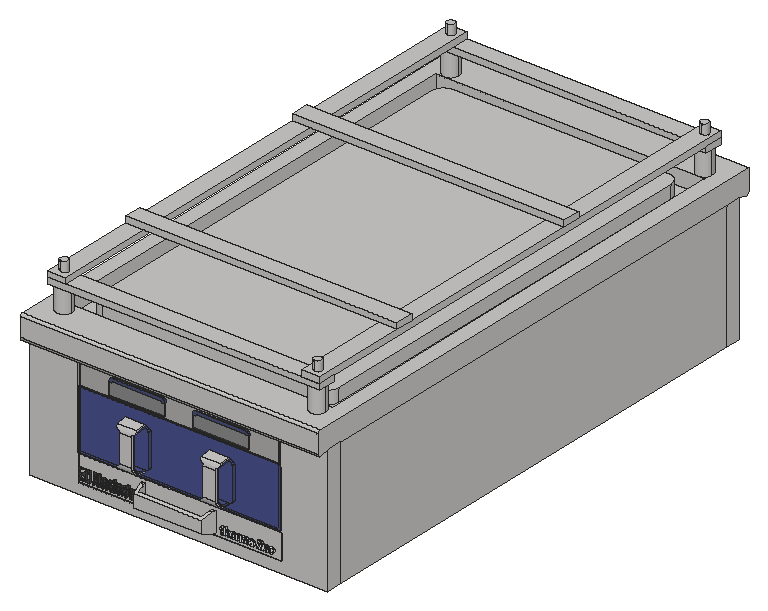
Revit family "QF_ELECTROLUXPROFESSIONAL_589868_MCLBAAEODM", category Specialty Equipment, Revit 2014
Parameters
  Weight in Pounds = 487.22
  URL Cutsheet = ""
  Type Mark [instance] = ""
  Specification by User [instance] = ""
  Specification by Manufacturer = ""
  Serial Number = ""
  Seismic Rating = ""
  SMACNA No = ""
  Revision Code [instance] = ""
  Omniclass Number and Title = ""
  NAFEM Spec ID Number = ""
  Model = "588557"
  Masterspec = ""
  Manufacturer = "Electrolux Professional"
  Item Number [instance] = ""
  Installed By [instance] = ""
  Identify Quantity as Lot [instance] = yes
  Furnished By [instance] = ""
  Foodservice Equipment Identifier [instance] = yes
  Description = ""
  CSI MasterFormat = ""
  CSI Master Format = ""
Reference planes
  plane 1 "BACK": y = 0
  plane 2: z = 0
  plane 3 "LEFT": x = 0
  plane 4 "RIGHT": x = 500
  plane 5 "FRONT": y = -900
  plane 6 "TOP": z = 900
  plane 7 "Center (Left/Right)": x = 250
  plane 8: y = -425
  plane 9: y = -150
  plane 10: x = 25
  plane 11: x = 475
  plane 12: y = -60
  plane 13: y = -840
  plane 14 "EIx": x = 455
  plane 15 "EIy": y = -685
  plane 16: z = 938
  plane 17 "BaseTop": z = 650
  plane 18: y = -855
Forms (mm)
  Extrusion 1, solid, material "QF_Finishes_Stainless Steel"
    sketch origin (-178.969, -4572, 100) x (-1, 0, 0) y (0, -1, 0)
      loop
        line (-178.969, -4527) -> (-178.969, -3717) -> (-678.969, -3717) -> (-678.969, -4527) -> (-178.969, -4527)
    from 550 to 762.969
  Extrusion 2, solid, material "QF_Finishes_Stainless Steel"
    sketch origin (0, 0, 650) x (-1, 0, 0) y (0, -1, 0)
      loop
        circle (-455, 685) r 6.35
    from 0 to -11.851
  Extrusion 3, solid, material "QF_Finishes_Stainless Steel"
    sketch origin (250, 296.4, 1219.2) x (0, 1, 0) y (0, 0, 1)
      loop
        line (-296.4, -319.2) -> (-1191.4, -319.2)
        arc (-1191.4, -319.2) -> (-1194.935, -320.664) -> (-1196.4, -324.2) r 5
        line (-1196.4, -324.2) -> (-1196.4, -355.2)
        arc (-1196.4, -355.2) -> (-1194.971, -358.264) -> (-1191.705, -359.139) r 4
        line (-1191.705, -359.139) -> (-1176.4, -356.231) -> (-316.4, -356.231) -> (-301.094, -359.139)
        arc (-301.094, -359.139) -> (-297.829, -358.264) -> (-296.4, -355.2) r 4
        line (-296.4, -355.2) -> (-296.4, -319.2)
    from -250 to 250
  Extrusion 4, solid, material "QF_Finishes_Stainless Steel"
    sketch origin (0, 0, 900) x (-1, 0, 0) y (0, -1, 0)
      loop
        arc (-70, 80) -> (-55.858, 85.858) -> (-50, 100) r 20
        line (-50, 100) -> (-50, 795)
        arc (-50, 795) -> (-55.858, 809.142) -> (-70, 815) r 20
        line (-70, 815) -> (-430, 815)
        arc (-430, 815) -> (-444.142, 809.142) -> (-450, 795) r 20
        line (-450, 795) -> (-450, 100)
        arc (-450, 100) -> (-444.142, 85.858) -> (-430, 80) r 20
        line (-430, 80) -> (-70, 80)
    from 1 to -20
  Extrusion 5, void
    sketch origin (0, 0, 900) x (-1, 0, 0) y (0, -1, 0)
      loop
        line (-25, 840) -> (-475, 840) -> (-475, 60) -> (-25, 60) -> (-25, 840)
    from 0 to -25
  Extrusion 6, solid, material "QF_Finishes_Stainless Steel"
    sketch origin (250, 296.4, 1219.2) x (0, 1, 0) y (0, 0, 1)
      loop
        line (-341.4, -569.2) -> (-316.4, -569.2) -> (-316.4, -356.231) -> (-341.4, -356.231) -> (-341.4, -569.2)
    from -250 to 250
Cuts and joins
  Extrusion 5 cuts Extrusion 3
Lines and regions (mm)
  symbolic lines
    curve 1: line (0, 0, 100) -> (500, 0, 100)
    curve 2: line (0, -900, 100) -> (0, 0, 100)
    curve 3: line (500, -900, 100) -> (0, -900, 100)
    curve 4: line (500, 0, 100) -> (500, -900, 100)
    curve 5: line (25, -840, 0) -> (475, -840, 0)
    curve 6: line (475, -840, 0) -> (475, -60, 0)
    curve 7: line (475, -60, 0) -> (25, -60, 0)
    curve 8: line (25, -60, 0) -> (25, -840, 0)
    curve 9: line (430, -80, 0) -> (70, -80, 0)
    curve 10: arc (70, -80, 0) -> (59.726, -82.841, 0) -> (52.37, -90.556, 0) r 20
    curve 11: line (70, -815, 0) -> (430, -815, 0)
    curve 12: arc (430, -815, 0) -> (440.141, -812.238, 0) -> (447.481, -804.716, 0) r 20
    curve 13: arc (52.347, -804.4, 0) -> (59.704, -812.146, 0) -> (70, -815, 0) r 20
    curve 14: arc (447.486, -90.292, 0) -> (440.145, -82.764, 0) -> (430, -80, 0) r 20
Dimensions and locks
  plane 3 "LEFT" to plane 4 "RIGHT" = 500 mm
  locked: plane 5 "FRONT" to plane 1 "BACK" at 900
  equal spacing: plane 3 "LEFT", plane 7 "Center (Left/Right)", plane 4 "RIGHT"
  plane 5 "FRONT" to plane 8 to plane 1 "BACK" = 475 mm, 425 mm
  plane 6 "TOP" to level = 900 mm  (x2)
  plane 1 "BACK" to plane 9 = 150 mm
  plane 1 "BACK" to Extrusion 2 = 685 mm
  locked: plane 14 "EIx" to plane 4 "RIGHT" at 45
  locked: plane 15 "EIy" to plane 1 "BACK" at 685
  plane 16 to plane 6 "TOP" = 38 mm
  plane 12 to plane 1 "BACK" = 60 mm
  plane 5 "FRONT" to plane 13 = 60 mm
  plane 3 "LEFT" to plane 10 = 25 mm
  plane 11 to plane 4 "RIGHT" = 25 mm
  locked: plane 6 "TOP" to plane 17 "BaseTop" at 250
  locked: plane 18 to plane 5 "FRONT" at 45
  aligned and locked: level to plane 2
  aligned and locked: cut or joined group of Extrusion 3, Extrusion 5 to plane 3 "LEFT"
  aligned and locked: cut or joined group of Extrusion 3, Extrusion 5 to plane 4 "RIGHT"
  aligned and locked: Extrusion 5 sketch curve to plane 10
  aligned and locked: plane 12 to Extrusion 5 sketch curve
  aligned and locked: plane 11 to Extrusion 5 sketch curve
  aligned and locked: Extrusion 5 sketch curve to plane 13
  aligned and locked: nested 1 to plane 18
  aligned and locked: Extrusion 1 to plane 18
  aligned and locked: plane 3 "LEFT" to nested 1
Automatic sketch dimensions
  Extrusion 3 sketch curve to plane 5 "FRONT" = 0 mm
  Extrusion 3 sketch curve to plane 6 "TOP" = 0 mm
  Extrusion 3 sketch curve to plane 1 "BACK" = 0 mm
  Extrusion 3 sketch curve to plane 5 "FRONT" = 4 mm
  Extrusion 3 sketch curve to Extrusion 3 sketch curve = 0.695 mm
  Extrusion 3 sketch curve to plane 5 "FRONT" = 5 mm
  Extrusion 3 sketch curve to Extrusion 3 sketch curve = 15.305 mm
  plane 1 "BACK" to Extrusion 3 sketch curve = 20 mm
  plane 1 "BACK" to Extrusion 3 sketch curve = 4.695 mm
  Extrusion 3 sketch curve to Extrusion 3 sketch curve = 4 mm
  Extrusion 3 sketch curve to Extrusion 3 sketch curve = 31 mm
  Extrusion 3 sketch curve to plane 6 "TOP" = 36 mm
  Extrusion 3 sketch curve to Extrusion 3 sketch curve = 2.909 mm
  Extrusion 1 sketch curve to plane 4 "RIGHT" = 0 mm
  Extrusion 1 sketch curve to plane 3 "LEFT" = 0 mm
  plane 1 "BACK" to Extrusion 1 sketch curve = 45 mm
  plane 1 "BACK" to curve 1 = 0 mm
  curve 1 to plane 4 "RIGHT" = 0 mm
  curve 2 to plane 3 "LEFT" = 0 mm
  plane 5 "FRONT" to curve 3 = 0 mm
  Extrusion 2 sketch curve to plane 14 "EIx" = 0 mm
  Extrusion 2 sketch curve to plane 15 "EIy" = 0 mm
  Extrusion 1 sketch curve to plane 5 "FRONT" = 45 mm
  curve 5 to plane 10 = 0 mm
  curve 6 to plane 11 = 0 mm
  plane 13 to curve 5 = 0 mm
  plane 12 to curve 7 = 0 mm
  plane 11 to Extrusion 4 sketch curve = 25 mm
  Extrusion 4 sketch curve to Extrusion 4 sketch curve = 20 mm  (x3)
  plane 9 to Extrusion 4 sketch curve = 50 mm
  Extrusion 4 sketch curve to plane 10 = 45 mm
  Extrusion 4 sketch curve to plane 13 = 45 mm  (x2)
  Extrusion 6 sketch curve to plane 17 "BaseTop" = 0 mm
  Extrusion 6 sketch curve to plane 12 = 15 mm
  plane 1 "BACK" to Extrusion 6 sketch curve = 20 mm
  Extrusion 6 sketch curve to plane 6 "TOP" = 37.031 mm
  curve 10 to plane 10 = 45 mm
  plane 12 to curve 10 = 40 mm
  curve 10 to curve 9 = 20 mm
  plane 14 "EIx" to curve 9 = 25 mm
  curve 11 to plane 10 = 45 mm
  curve 11 to plane 13 = 25 mm
  plane 14 "EIx" to curve 11 = 25 mm
  curve 12 to curve 12 = 20 mm
  curve 11 to curve 13 = 20 mm
  curve 13 to curve 13 = 17.653 mm
  plane 14 "EIx" to curve 12 = 7.519 mm
  curve 10 to curve 10 = 17.63 mm
  plane 14 "EIx" to curve 14 = 7.514 mm
  curve 14 to curve 14 = 20 mm
  radius of Extrusion 2 sketch curve = 6.35 mm
Nested families
  nested 1: "Front_Panel_W500_Two Knobs" at (52.376, -855, 0), type "Front_Panel_W500_Two Knobs"
  nested 2: "QF_ELECTROLUXPROFESSIONAL_MARINE500x900_1" at (0, 0, 0), type "QF_ELECTROLUXPROFESSIONAL_MARINE500x900_1"
    with Type Mark "", Specification by User "", Revision Code "", Item Number "", Installed By "", Identify Quantity as Lot yes, Furnished By "", Foodservice Equipment Identifier yes
Connectors
  electrical at (455, -685, 638.149)
    settings: on Extrusion 2, index 1, voltage 400 V, apparent load 33000 VA, apparent load phase1 0 VA, apparent load phase2 0 VA, apparent load phase3 0 VA, power factor 1, load classification "Other", number of poles 1, system type 30, power factor state 1, is connector primary yes, connector utility no, sub classification motor no, connector description "ELECTRICAL CONNECTION"
Definition of nested family "Front_Panel_W500_Two Knobs"
  Reference planes
    plane 1 "Center (Front/Back)": y = 0
    plane 2: z = 0
    plane 3 "Center (Left/Right)": x = 197.624
    plane 4 "Left": x = -52.376
    plane 5 "Right": x = 447.624
    plane 6: y = -45
    plane 7: x = 127.624
    plane 8: y = -310
    plane 9: y = -25
    plane 10: x = 370.124
    plane 11: x = 30.124
  Forms (mm)
    Extrusion 1, solid, material "QF_Finishes_Stainless Steel"
      sketch origin (833.217, 829.203, -1.25) x (0, 1, 0) y (0, 0, 1)
        loop
          line (-854.203, 651.25) -> (-829.203, 651.25) -> (-829.203, 864.25) -> (-854.203, 864.25) -> (-854.203, 651.25)
      from -885.593 to -385.593
    Extrusion 2, void
      sketch origin (0, 0, 0) x (1, 0, 0) y (0, 0, 1)
        loop
          line (27.624, 853.866) -> (27.624, 711.866) -> (367.624, 711.866) -> (367.624, 853.866) -> (27.624, 853.866)
      from 19.387 to 33.951
    Extrusion 3, void
      sketch origin (0, 0, 0) x (1, 0, 0) y (0, 0, 1)
        loop
          line (30.124, 711.866) -> (30.124, 666.866) -> (370.124, 666.866) -> (370.124, 711.866) -> (30.124, 711.866)
      from 19.387 to 25
    Extrusion 4, solid, material "QF_Finishes_Stainless Steel"
      sketch origin (0, 0, 0) x (1, 0, 0) y (0, 0, 1)
        loop
          line (31.124, 710.866) -> (31.124, 667.866) -> (369.124, 667.866) -> (369.124, 710.866) -> (31.124, 710.866)
      from 19.387 to 25
    Extrusion 5, solid, material "QF_Finishes_Stainless Steel"
      sketch origin (0, 0, 0) x (1, 0, 0) y (0, 1, 0)
        loop
          line (141.059, -25) -> (135.966, -25) -> (140.646, -49.075) -> (254.603, -49.075) -> (259.283, -25) -> (254.189, -25) -> (250.481, -44.075) -> (144.767, -44.075) -> (141.059, -25)
      from 672.593 to 705.67
    Extrusion 6, void
      sketch origin (197.624, 0, 0) x (0, 1, 0) y (0, 0, 1)
        loop
          line (-30, 705.67) -> (-30, 710.67) -> (-56.744, 710.67) -> (-56.744, 667.593) -> (-30, 667.593) -> (-30, 672.593) -> (-53.776, 680.318) -> (-53.776, 697.945) -> (-30, 705.67)
      from -70 to 70
    Extrusion 7, solid, material "QF_Door-Drawer Clearances", detail levels coarse
      sketch origin (0, -265, 0) x (1, 0, 0) y (0, 1, 0)
        loop
          line (140.646, -69.075) -> (254.603, -69.075) -> (259.283, -45) -> (364.124, -45) -> (364.124, 240) -> (31.124, 240) -> (31.124, -45) -> (135.966, -45) -> (140.646, -69.075)
      from 672.593 to 705.67
    Extrusion 8, void
      sketch origin (197.624, -280, 0) x (0, 1, 0) y (0, 0, 1)
        loop
          line (-30, 705.67) -> (-30, 710.67) -> (-56.744, 710.67) -> (-56.744, 667.593) -> (-30, 667.593) -> (-30, 672.593) -> (-53.776, 680.318) -> (-53.776, 697.945) -> (-30, 705.67)
      from -70 to 70
  Cuts and joins
    Extrusion 2, Extrusion 3 cuts Extrusion 1
    Extrusion 6, Extrusion 8 cuts Extrusion 5
    Extrusion 8 cuts Extrusion 7
  Lines and regions (mm)
    symbolic lines, style "SpecialityEquipmentHiddenLines"
      curve 1: line (31.124, -45, 0) -> (31.124, -310, 0)
      curve 2: line (31.124, -310, 0) -> (364.124, -310, 0)
      curve 3: line (135.966, -310, 0) -> (140.646, -334.075, 0)
      curve 4: line (140.646, -334.075, 0) -> (254.603, -334.075, 0)
      curve 5: line (254.603, -334.075, 0) -> (259.283, -310, 0)
      curve 6: line (364.124, -310, 0) -> (364.124, -45, 0)
      curve 7: line (31.124, -300, 0) -> (364.124, -300, 0)
      curve 8: line (140.874, -309.046, 0) -> (144.767, -329.075, 0)
      curve 9: line (144.767, -329.075, 0) -> (250.481, -329.075, 0)
      curve 10: line (250.481, -329.075, 0) -> (254.375, -309.046, 0)
  Dimensions and locks
    equal spacing: plane 5 "Right", plane 3 "Center (Left/Right)", plane 4 "Left"
    plane 5 "Right" to plane 4 "Left" = 500 mm
    plane 3 "Center (Left/Right)" to plane 7 = 70 mm
    plane 6 to plane 8 = 265 mm
    aligned and locked: cut or joined group of Extrusion 1, Extrusion 2, Extrusion 3 to plane 4 "Left"
    aligned and locked: plane 5 "Right" to cut or joined group of Extrusion 1, Extrusion 2, Extrusion 3
    aligned and locked: plane 3 "Center (Left/Right)" to nested 1
    aligned and locked: cut or joined group of Extrusion 1, Extrusion 2, Extrusion 3 to nested 1
  Automatic sketch dimensions
    plane 6 to curve 1 = 0 mm
    curve 1 to plane 8 = 0 mm
    plane 6 to curve 6 = 0 mm
    plane 11 to curve 1 = 1 mm
    plane 7 to curve 3 = 13.021 mm
    curve 3 to curve 8 = 4.122 mm
    curve 10 to plane 8 = 19.075 mm
    plane 3 "Center (Left/Right)" to curve 10 = 52.857 mm
    curve 5 to plane 8 = 24.075 mm
    curve 9 to curve 5 = 4.122 mm
    curve 2 to plane 10 = 6 mm
    plane 7 to curve 3 = 8.342 mm
    plane 8 to curve 8 = 0.954 mm
    curve 3 to curve 8 = 4.908 mm
    plane 8 to curve 10 = 0.954 mm
    curve 9 to curve 10 = 3.893 mm
    curve 10 to curve 5 = 4.908 mm
    plane 8 to curve 7 = 10 mm
    Extrusion 1 sketch curve to plane 9 = 0 mm
    Extrusion 1 sketch curve to plane 1 "Center (Front/Back)" = 0 mm
    level to Extrusion 1 sketch curve = 650 mm
    Extrusion 1 sketch curve to Extrusion 1 sketch curve = 213 mm
    Extrusion 2 sketch curve to plane 11 = 2.5 mm
    Extrusion 2 sketch curve to plane 10 = 2.5 mm
    level to Extrusion 2 sketch curve = 711.866 mm
    Extrusion 2 sketch curve to Extrusion 2 sketch curve = 142 mm
    Extrusion 3 sketch curve to plane 11 = 0 mm
    Extrusion 3 sketch curve to plane 10 = 0 mm
    level to Extrusion 3 sketch curve = 666.866 mm
    Extrusion 3 sketch curve to Extrusion 3 sketch curve = 45 mm
    plane 11 to Extrusion 4 sketch curve = 1 mm
    Extrusion 4 sketch curve to plane 10 = 1 mm
    level to Extrusion 4 sketch curve = 667.866 mm
    Extrusion 4 sketch curve to Extrusion 4 sketch curve = 43 mm
    plane 9 to Extrusion 5 sketch curve = 0 mm  (x2)
    plane 7 to Extrusion 5 sketch curve = 8.342 mm
    plane 6 to Extrusion 5 sketch curve = 4.075 mm
    plane 7 to Extrusion 5 sketch curve = 13.021 mm
    Extrusion 5 sketch curve to Extrusion 5 sketch curve = 5.094 mm  (x2)
    Extrusion 5 sketch curve to plane 6 = 0.925 mm
    Extrusion 5 sketch curve to Extrusion 5 sketch curve = 4.122 mm  (x2)
    plane 3 "Center (Left/Right)" to Extrusion 5 sketch curve = 52.857 mm
    Extrusion 5 sketch curve to Extrusion 5 sketch curve = 3.708 mm
    plane 6 to Extrusion 6 sketch curve = 11.744 mm
    plane 6 to Extrusion 6 sketch curve = 8.776 mm
    plane 9 to Extrusion 6 sketch curve = 5 mm  (x2)
    level to Extrusion 6 sketch curve = 667.593 mm
    Extrusion 6 sketch curve to Extrusion 6 sketch curve = 5 mm
    Extrusion 6 sketch curve to Extrusion 6 sketch curve = 12.725 mm  (x2)
    Extrusion 6 sketch curve to Extrusion 6 sketch curve = 17.627 mm
    Extrusion 6 sketch curve to Extrusion 6 sketch curve = 7.725 mm
    plane 9 to Extrusion 7 sketch curve = 0 mm
    Extrusion 7 sketch curve to plane 8 = 0 mm  (x2)
    plane 11 to Extrusion 7 sketch curve = 1 mm
    plane 7 to Extrusion 7 sketch curve = 8.342 mm
    plane 7 to Extrusion 7 sketch curve = 13.021 mm
    Extrusion 7 sketch curve to plane 8 = 24.075 mm
    plane 3 "Center (Left/Right)" to Extrusion 7 sketch curve = 56.979 mm
    Extrusion 7 sketch curve to Extrusion 7 sketch curve = 4.68 mm
    Extrusion 7 sketch curve to plane 10 = 6 mm
    Extrusion 8 sketch curve to plane 8 = 0 mm  (x2)
    Extrusion 8 sketch curve to plane 8 = 23.776 mm
    Extrusion 8 sketch curve to Extrusion 8 sketch curve = 2.968 mm
    level to Extrusion 8 sketch curve = 667.593 mm
    Extrusion 8 sketch curve to Extrusion 8 sketch curve = 5 mm
    Extrusion 8 sketch curve to Extrusion 8 sketch curve = 12.725 mm  (x2)
    Extrusion 8 sketch curve to Extrusion 8 sketch curve = 17.627 mm
    Extrusion 8 sketch curve to Extrusion 8 sketch curve = 7.725 mm
  Nested families
    nested 1: "Front glass control panel W500" at (197.624, 280.644, 2.752), type "Front glass control panel W500"
    nested 2: "Range Control Handle" at (127.624, -28.137, -209.113) x (-1, 0, 0) z (0, 0, 1), type "Range Control Handle"
    nested 3: "Range Control Handle" at (267.624, -28.137, -209.113), type "Range Control Handle"
    nested 4: "ELX_ThermaLine_Small" at (308.838, -25, 680.426) x (1, 0, 0) z (0, -1, 0), type "ELX_ThermaLine_Small"
      with Show Logo yes, Material_Logo QF_Finishes_Black
    nested 5: "ELX_Professional_Logo_Small2" at (83.472, -25, 682.659) x (1, 0, 0) z (0, -1, 0), type "ELX_Professional_Logo_Small2"
      with Show Logo yes, Material_Logo QF_Finishes_Black
  Definition of nested family "Front glass control panel W500"
    Reference planes
      plane 1 "Center (Front/Back)": y = 0
      plane 2: z = 0
      plane 3 "Center (Left/Right)": x = 0
    Forms (mm)
      Extrusion 1, solid, material "QF_Finishes_Electrolux Cyan"
        sketch origin (378.286, 0, 0.617) x (1, 0, 0) y (0, 0, 1)
          loop
            line (-548.286, 806.791) -> (-548.286, 708.497) -> (-208.286, 708.497) -> (-208.286, 806.791) -> (-548.286, 806.791)
        from 300.031 to 304.8
      Extrusion 2, solid, material "QF_Finishes_Electrolux_Black"
        sketch origin (378.286, 0, 0.617) x (1, 0, 0) y (0, 0, 1)
          loop
            line (-548.286, 850.497) -> (-548.286, 806.791) -> (-208.286, 806.791) -> (-208.286, 850.497) -> (-548.286, 850.497)
        from 300.031 to 304.8
      Extrusion 3, void
        sketch origin (378.286, 0, 0.617) x (1, 0, 0) y (0, 0, 1)
          loop
            line (-545.628, 847.565) -> (-545.628, 710.699) -> (-211.196, 710.699) -> (-211.196, 847.565) -> (-545.628, 847.565)
        from 303.697 to 304.8
      Extrusion 4, solid, material "QF_Finishes_Electrolux_Black Smoke Iluminated"
        sketch origin (-378.333, 1.101, -0.633) x (-1, 0, 0) y (0, 0, -1)
          loop
            line (-261.431, -812.62) -> (-355.186, -812.62) -> (-355.186, -834.177) -> (-350.269, -834.177) -> (-348.469, -835.977) -> (-268.039, -835.977) -> (-266.24, -834.177) -> (-261.431, -834.177) -> (-261.431, -812.62)
        from 304.798 to 306.745
      Extrusion 5, solid, material "QF_Finishes_Electrolux_Royal Blue Illuminated"
        sketch origin (-378.333, 1.101, -0.633) x (-1, 0, 0) y (0, 0, -1)
          loop
            line (-350.269, -834.177) -> (-355.078, -834.177)
            arc (-355.078, -834.177) -> (-353.942, -838.747) -> (-349.686, -840.763) r 5.5
            line (-349.686, -840.763) -> (-266.98, -840.763)
            arc (-266.98, -840.763) -> (-262.706, -838.752) -> (-261.529, -834.177) r 5.549
            line (-261.529, -834.177) -> (-266.24, -834.177) -> (-268.039, -835.977) -> (-348.469, -835.977) -> (-350.269, -834.177)
        from 304.798 to 306.745
      Extrusion 6, solid, material "QF_Finishes_Electrolux_Black Smoke Iluminated"
        sketch origin (378.333, 1.101, -0.633) x (1, 0, 0) y (0, 0, 1)
          loop
            line (-261.431, 812.62) -> (-261.431, 834.177) -> (-266.24, 834.177) -> (-268.039, 835.977) -> (-348.469, 835.977) -> (-350.269, 834.177) -> (-355.186, 834.177) -> (-355.186, 812.62) -> (-261.431, 812.62)
        from 304.798 to 306.745
      Extrusion 7, solid, material "QF_Finishes_Electrolux_Royal Blue Illuminated"
        sketch origin (378.333, 1.101, -0.633) x (1, 0, 0) y (0, 0, 1)
          loop
            line (-350.269, 834.177) -> (-348.469, 835.977) -> (-268.039, 835.977) -> (-266.24, 834.177) -> (-261.529, 834.177)
            arc (-261.529, 834.177) -> (-262.706, 838.752) -> (-266.98, 840.763) r 5.549
            line (-266.98, 840.763) -> (-349.686, 840.763)
            arc (-349.686, 840.763) -> (-353.942, 838.747) -> (-355.078, 834.177) r 5.5
            line (-355.078, 834.177) -> (-350.269, 834.177)
        from 304.798 to 306.745
    Cuts and joins
      Extrusion 3 cuts Extrusion 1
      Extrusion 3 cuts Extrusion 2
    Dimensions and locks
      aligned and locked: Extrusion 1 to Extrusion 2
      aligned and locked: Extrusion 5 sketch curve to Extrusion 4  (x5)
      aligned and locked: Extrusion 5 to Extrusion 4
      aligned and locked: Extrusion 7 sketch curve to Extrusion 6  (x4)
      aligned and locked: Extrusion 6 to Extrusion 7 sketch curve
      aligned and locked: Extrusion 7 to Extrusion 6
  Definition of nested family "Range Control Handle"
    Reference planes
      plane 1 "Center (Front/Back)": y = 0
      plane 2: z = 0
      plane 3 "Center (Left/Right)": x = 0
      plane 4: z = 971.092
      plane 5: y = -16.9
    Forms (mm)
      Extrusion 1, solid, material "QF_Finishes_Electrolux Cyan"
        sketch origin (-746.28, 380.497, 208.931) x (-1, 0, 0) y (0, 0, 1)
          loop
            line (-770.101, 786.798) -> (-770.101, 731.649)
            arc (-770.101, 731.649) -> (-769.759, 730.563) -> (-768.855, 729.87) r 1.893
            line (-768.855, 729.87) -> (-763.474, 727.911) -> (-729.81, 727.911) -> (-724.428, 729.87)
            arc (-724.428, 729.87) -> (-723.525, 730.563) -> (-723.183, 731.649) r 1.893
            line (-723.183, 731.649) -> (-723.183, 786.798)
            arc (-723.183, 786.798) -> (-723.529, 787.894) -> (-724.44, 788.593) r 1.91
            line (-724.44, 788.593) -> (-729.683, 790.819) -> (-763.601, 790.819) -> (-768.844, 788.593)
            arc (-768.844, 788.593) -> (-769.755, 787.894) -> (-770.101, 786.798) r 1.91
        from -382.35 to -378.852
      Sweep 2, solid, material "QF_Finishes_Electrolux Cyan"
        path origin (-746.788, 380.496, 208.091) x (0, -1, 0) y (0, 0, 1)
          loop
            line (379.775, 793.281) -> (395.661, 791.048)
            arc (395.661, 791.048) -> (397.781, 787.377) -> (398.517, 783.202) r 12.207
            line (398.517, 783.202) -> (398.517, 737.368)
            arc (398.517, 737.368) -> (397.781, 733.193) -> (395.661, 729.522) r 12.207
            line (395.661, 729.522) -> (379.775, 727.289)
        profile origin (-746.788, -7.222, 1000.256) x (0, -0.139173, 0.990268) y (-1, 0, 0)
          loop
            line (0.782, -763.123) -> (0.782, -730.907) -> (-1.322, -730.907) -> (-1.322, -763.123) -> (0.782, -763.123)
      Sweep 3, solid, material "QF_Finishes_Stainless Steel"
        path origin (-746.788, 380.715, 207.832) x (0, -1, 0) y (0, 0, 1)
          loop
            line (380.478, 795.442) -> (397.218, 793.09)
            arc (397.218, 793.09) -> (399.929, 788.473) -> (400.871, 783.202) r 15.207
            line (400.871, 783.202) -> (400.871, 737.584)
            arc (400.871, 737.584) -> (399.914, 732.274) -> (397.164, 727.633) r 15.207
            line (397.164, 727.633) -> (380.601, 725.305)
        profile origin (-746.788, -8.132, 1002.099) x (0, -0.139173, 0.990268) y (-1, 0, 0)
          loop
            line (0.782, -763.123) -> (0.782, -730.907) -> (-1.322, -730.907) -> (-1.322, -763.123) -> (0.782, -763.123)
      Extrusion 4, void
        sketch origin (889.253, 220.666, 207.993) x (1, 0, 0) y (0, 0, 1)
          loop
            line (-943.038, 816.854) -> (-943.038, 703.686) -> (-899.466, 734.196) -> (-899.466, 786.344) -> (-943.038, 816.854)
        from 230.636 to 242.25
      Extrusion 5, void
        sketch origin (-888.8, 220.666, 207.993) x (-1, 0, 0) y (0, 0, -1)
          loop
            line (-943.038, -816.854) -> (-899.466, -786.344) -> (-899.466, -734.196) -> (-943.038, -703.686) -> (-943.038, -816.854)
        from 230.636 to 242.25
      Extrusion 6, solid, material "QF_Finishes_Electrolux Cyan"
        sketch origin (0, 0, 0) x (1, 0, 0) y (0, 0, 1)
          loop
            circle (0, 971.092) r 7.736
        from -3.137 to -1.645
    Cuts and joins
      Extrusion 4, Extrusion 5 cuts Sweep 3
      Extrusion 4, Extrusion 5 cuts Sweep 2
      joined: Extrusion 1, Extrusion 6
    Lines and regions (mm)
      symbolic lines
        curve 1: line (16.334, -16.9, 0) -> (16.334, -19.227, 0)
        curve 2: spline (16.334, -19.227, 0) -> (15.87, -19.385, 0) -> (15.404, -19.536, 0) -> (14.936, -19.678, 0) -> (14.466, -19.813, 0) -> (13.995, -19.94, 0) -> (13.523, -20.059, 0) -> (13.049, -20.171, 0) -> (12.575, -20.274, 0) -> (12.099, -20.37, 0) -> (11.622, -20.458, 0) -> (11.144, -20.537, 0) -> (10.666, -20.609, 0)
        curve 3: line (10.666, -16.9, 0) -> (10.666, -20.938, 0)
        curve 4: line (-10.213, -20.938, 0) -> (10.666, -20.938, 0)
        curve 5: line (-10.213, -20.938, 0) -> (-10.213, -16.9, 0)
        curve 6: spline (-10.213, -20.609, 0) -> (-10.691, -20.537, 0) -> (-11.169, -20.458, 0) -> (-11.646, -20.37, 0) -> (-12.122, -20.274, 0) -> (-12.597, -20.171, 0) -> (-13.07, -20.059, 0) -> (-13.542, -19.94, 0) -> (-14.013, -19.813, 0) -> (-14.483, -19.678, 0) -> (-14.951, -19.536, 0) -> (-15.417, -19.385, 0) -> (-15.881, -19.227, 0)
        curve 7: line (-15.881, -19.227, 0) -> (-15.881, -16.9, 0)
  Definition of nested family "ELX_ThermaLine_Small"
    Parameters (values of type "ELX_ThermaLine_Small")
      Show Logo [instance] = yes
      Material_Logo [instance] = QF_Finishes_Black
      Default Elevation = 0 mm
    Reference planes
      plane 1 "Centro (Fronte/Retro)": y = 0
      plane 2: z = 0
      plane 3 "Centro (Sinistra/Destra)": x = 0
    Forms (mm)
      Extrusion 1, solid
        sketch origin (0, 0, 0) x (1, 0, 0) y (0, 1, 0)
          loop
            line (-1219.2, 1219.2) -> (-1219.2, -1219.2) -> (1219.2, -1219.2) -> (1219.2, 1219.2) -> (-1219.2, 1219.2)
        from 0 to -304.8
      Extrusion 2, solid, material "QF_Finishes_White"
        sketch origin (0, 0, 0) x (1, 0, 0) y (0, 1, 0)
          loop
            line (-37.494, 1.229) -> (-35.908, 1.229) -> (-35.908, 3.066) -> (-37.494, 3.066) -> (-37.494, 6.221) -> (-39.867, 4.881) -> (-39.867, 3.066) -> (-40.969, 3.066) -> (-40.969, 1.229) -> (-39.867, 1.229) -> (-39.867, -3.407)
            arc (-39.867, -3.407) -> (-38.982, -5.513) -> (-36.751, -6.001) r 2.478
            line (-36.751, -6.001) -> (-35.638, -5.7) -> (-35.9, -3.835) -> (-36.661, -4.039)
            arc (-36.661, -4.039) -> (-37.236, -3.924) -> (-37.494, -3.399) r 0.662
            line (-37.494, -3.399) -> (-37.494, 1.229)
          loop
            line (-34.242, 6.539) -> (-34.242, -5.848) -> (-31.854, -5.848) -> (-31.854, -0.078)
            arc (-31.854, -0.078) -> (-30.939, 1.249) -> (-29.33, 1.367) r 1.866
            arc (-29.33, 1.367) -> (-28.695, 0.768) -> (-28.461, -0.073) r 1.627
            line (-28.461, -0.073) -> (-28.461, -5.848) -> (-26.086, -5.848) -> (-26.064, -0.46)
            arc (-26.064, -0.46) -> (-26.261, 0.932) -> (-26.786, 2.237) r 5.825
            arc (-26.786, 2.237) -> (-29.381, 3.264) -> (-31.854, 1.971) r 3.353
            line (-31.854, 1.971) -> (-31.854, 6.539) -> (-34.242, 6.539)
          loop
            arc (-18.398, -0.598) -> (-18.893, 0.879) -> (-20.326, 1.487) r 1.897
            arc (-20.326, 1.487) -> (-21.461, 0.708) -> (-21.897, -0.598) r 2.164
            line (-21.897, -0.598) -> (-18.398, -0.598)
          loop
            arc (-16.021, -2.044) -> (-16.754, 1.227) -> (-19.444, 3.226) r 4.814
            arc (-19.444, 3.226) -> (-22.137, 2.788) -> (-23.943, 0.743) r 4.054
            arc (-23.943, 0.743) -> (-24.382, -1.249) -> (-24.162, -3.276) r 6.289
            arc (-24.162, -3.276) -> (-23.302, -4.71) -> (-21.958, -5.705) r 4.28
            arc (-21.958, -5.705) -> (-18.558, -5.814) -> (-16.152, -3.409) r 4.28
            line (-16.152, -3.409) -> (-18.5, -2.995)
            arc (-18.5, -2.995) -> (-19.273, -3.994) -> (-20.533, -4.076) r 1.536
            arc (-20.533, -4.076) -> (-21.56, -3.281) -> (-21.958, -2.044) r 2.197
            line (-21.958, -2.044) -> (-16.021, -2.044)
          loop
            line (-14.165, -5.848) -> (-11.819, -5.848) -> (-11.819, -2.138)
            arc (-11.819, -2.138) -> (-11.787, -1.156) -> (-11.637, -0.185) r 8.18
            arc (-11.637, -0.185) -> (-10.644, 0.972) -> (-9.132, 0.776) r 1.603
            line (-9.132, 0.776) -> (-8.419, 2.846)
            arc (-8.419, 2.846) -> (-10.432, 3.118) -> (-11.994, 1.821) r 2.527
            line (-11.994, 1.821) -> (-11.994, 3.094) -> (-14.165, 3.094) -> (-14.165, -5.848)
          loop
            line (-7.579, 3.094) -> (-7.579, -5.848) -> (-5.178, -5.848) -> (-5.178, -0.756)
            arc (-5.178, -0.756) -> (-4.727, 0.679) -> (-3.417, 1.419) r 2.05
            arc (-3.417, 1.419) -> (-2.499, 0.908) -> (-2.155, -0.085) r 1.471
            line (-2.155, -0.085) -> (-2.155, -5.848) -> (0.23, -5.848) -> (0.23, -1.001)
            arc (0.23, -1.001) -> (0.47, 0.127) -> (1.148, 1.061) r 2.775
            arc (1.148, 1.061) -> (2.225, 1.329) -> (3.05, 0.587) r 1.182
            arc (3.05, 0.587) -> (3.199, -0.019) -> (3.214, -0.642) r 2.894
            line (3.214, -0.642) -> (3.214, -5.848) -> (5.601, -5.848) -> (5.601, 0.261)
            arc (5.601, 0.261) -> (4.87, 2.263) -> (2.976, 3.241) r 2.932
            arc (2.976, 3.241) -> (1.284, 2.973) -> (-0.047, 1.896) r 3.309
            arc (-0.047, 1.896) -> (-1.116, 2.865) -> (-2.506, 3.258) r 3.16
            arc (-2.506, 3.258) -> (-4.105, 2.942) -> (-5.376, 1.92) r 3.419
            line (-5.376, 1.92) -> (-5.376, 3.094) -> (-7.579, 3.094)
          loop
            line (7.583, 0.738) -> (9.702, 0.364)
            arc (9.702, 0.364) -> (11.441, 1.492) -> (12.855, -0.023) r 1.613
            line (12.855, -0.023) -> (9.782, -0.789)
            arc (9.782, -0.789) -> (8.559, -1.346) -> (7.617, -2.305) r 3.687
            arc (7.617, -2.305) -> (7.499, -3.681) -> (7.901, -5.003) r 3.651
            arc (7.901, -5.003) -> (9.107, -5.766) -> (10.515, -6.006) r 3.635
            arc (10.515, -6.006) -> (11.898, -5.697) -> (13.067, -4.895) r 3.734
            line (13.067, -4.895) -> (13.376, -5.848) -> (15.75, -5.848) -> (15.212, -4.193) -> (15.212, 0.38)
            arc (15.212, 0.38) -> (14.897, 1.849) -> (13.818, 2.895) r 2.585
            arc (13.818, 2.895) -> (11.792, 3.442) -> (9.719, 3.11) r 5.005
            arc (9.719, 3.11) -> (8.369, 2.178) -> (7.583, 0.738) r 3.54
          loop
            line (19.723, -5.848) -> (22.233, -5.848) -> (24.854, 6.484) -> (22.345, 6.484) -> (19.723, -5.848)
          loop
            line (24.583, -5.848) -> (26.953, -5.848) -> (28.848, 3.066) -> (26.478, 3.066) -> (24.583, -5.848)
          loop
            line (27.204, 6.484) -> (26.741, 4.305) -> (29.111, 4.305) -> (29.575, 6.484) -> (27.204, 6.484)
          loop
            line (29.355, -5.848) -> (31.849, -5.848) -> (33.098, 0.028)
            arc (33.098, 0.028) -> (34.169, 1.306) -> (35.832, 1.422) r 2.132
            arc (35.832, 1.422) -> (36.324, 0.752) -> (36.383, -0.078) r 1.5
            line (36.383, -0.078) -> (35.157, -5.848) -> (37.536, -5.848) -> (38.936, 0.738)
            arc (38.936, 0.738) -> (38.775, 2.091) -> (37.825, 3.066) r 2.118
            arc (37.825, 3.066) -> (35.392, 3.175) -> (33.295, 1.937) r 4.271
            line (33.295, 1.937) -> (33.535, 3.066) -> (31.25, 3.066) -> (29.355, -5.848)
          loop
            line (42.792, -0.64) -> (46.589, -0.64)
            arc (46.589, -0.64) -> (46.639, 0.124) -> (46.327, 0.823) r 1.589
            arc (46.327, 0.823) -> (45.117, 1.521) -> (43.762, 1.183) r 1.865
            arc (43.762, 1.183) -> (43.141, 0.344) -> (42.792, -0.64) r 3.538
          loop
            line (42.565, -2.138) -> (48.593, -2.138)
            arc (48.593, -2.138) -> (48.58, 0.597) -> (46.983, 2.818) r 4.494
            arc (46.983, 2.818) -> (44.191, 3.28) -> (41.725, 1.891) r 4.26
            arc (41.725, 1.891) -> (40.503, -0.3) -> (40.284, -2.799) r 6.003
            arc (40.284, -2.799) -> (40.959, -4.468) -> (42.377, -5.576) r 3.482
            arc (42.377, -5.576) -> (44.265, -5.961) -> (46.152, -5.576) r 4.823
            arc (46.152, -5.576) -> (47.432, -4.731) -> (48.328, -3.485) r 4.245
            line (48.328, -3.485) -> (46.168, -3.105)
            arc (46.168, -3.105) -> (45.214, -4.072) -> (43.859, -4.181) r 1.953
            arc (43.859, -4.181) -> (42.821, -3.408) -> (42.565, -2.138) r 1.81
          loop
            line (12.868, -1.553) -> (10.216, -2.214)
            arc (10.216, -2.214) -> (9.747, -3.136) -> (10.216, -4.058) r 1.14
            arc (10.216, -4.058) -> (11.537, -4.249) -> (12.614, -3.46) r 1.763
            arc (12.614, -3.46) -> (12.858, -2.522) -> (12.868, -1.553) r 3.97
        from 0 to 1.6
    Dimensions and locks
      aligned and locked: plane 2 to Extrusion 1
      aligned and locked: level to Extrusion 1
  Definition of nested family "ELX_Professional_Logo_Small2"
    Parameters (values of type "ELX_Professional_Logo_Small2")
      Show Logo [instance] = yes
      Material_Logo [instance] = QF_Finishes_Black
      Default Elevation = 0 mm
    Reference planes
      plane 1 "Centro (Fronte/Retro)": y = 0
      plane 2: z = 0
      plane 3 "Centro (Sinistra/Destra)": x = 0
    Forms (mm)
      Extrusion 1, solid
        sketch origin (0, 0, 0) x (1, 0, 0) y (0, 1, 0)
          loop
            line (-1219.2, 1219.2) -> (-1219.2, -1219.2) -> (1219.2, -1219.2) -> (1219.2, 1219.2) -> (-1219.2, 1219.2)
        from 0 to -304.8
      Extrusion 2, solid, material "QF_Finishes_Black" <- "Material_Logo"
        sketch origin (15.5, 0, 0) x (1, 0, 0) y (0, 1, 0)
          loop
            spline (-39.691, -1.091) -> (-39.872, -1.083) -> (-40.065, -1.059) -> (-40.265, -1.013) -> (-40.466, -0.945) -> (-40.663, -0.85) -> (-40.851, -0.726) -> (-41.025, -0.569) -> (-41.179, -0.377) -> (-41.308, -0.147) -> (-41.407, 0.125) -> (-41.47, 0.441) -> (-41.492, 0.805)
            line (-41.492, 0.805) -> (-41.492, 2.418) -> (-36.166, 2.418) -> (-36.166, 4.475) -> (-41.493, 4.475) -> (-41.493, 7.47) -> (-35.827, 7.47) -> (-35.827, 9.522) -> (-43.673, 9.522) -> (-43.673, 0.898)
            spline (-43.673, 0.898) -> (-43.654, 0.368) -> (-43.594, -0.132) -> (-43.494, -0.6) -> (-43.352, -1.034) -> (-43.166, -1.432) -> (-42.937, -1.793) -> (-42.661, -2.115) -> (-42.34, -2.396) -> (-41.97, -2.635) -> (-41.552, -2.83) -> (-41.084, -2.978) -> (-40.565, -3.079)
            line (-40.565, -3.079) -> (-39.709, -3.141) -> (-35.675, -3.141) -> (-35.675, -1.091) -> (-39.691, -1.091)
          loop
            line (-34.126, 3.539) -> (-34.126, -3.144) -> (-31.945, -3.144) -> (-31.945, 9.525) -> (-34.126, 9.525) -> (-34.126, 3.539)
          loop
            spline (-21.182, 0.903) -> (-21.167, 1.589) -> (-21.233, 2.252) -> (-21.376, 2.887) -> (-21.594, 3.487) -> (-21.884, 4.047) -> (-22.243, 4.559) -> (-22.669, 5.018) -> (-23.158, 5.419) -> (-23.707, 5.754) -> (-24.315, 6.017) -> (-24.977, 6.204) -> (-25.691, 6.307)
            spline (-25.691, 6.307) -> (-26.371, 6.268) -> (-27.016, 6.151) -> (-27.622, 5.961) -> (-28.185, 5.701) -> (-28.7, 5.372) -> (-29.161, 4.978) -> (-29.565, 4.522) -> (-29.906, 4.007) -> (-30.18, 3.435) -> (-30.381, 2.811) -> (-30.506, 2.136) -> (-30.548, 1.413)
            spline (-30.548, 1.413) -> (-30.507, 0.709) -> (-30.386, 0.05) -> (-30.189, -0.56) -> (-29.921, -1.118) -> (-29.584, -1.622) -> (-29.182, -2.068) -> (-28.72, -2.453) -> (-28.202, -2.775) -> (-27.63, -3.031) -> (-27.009, -3.217) -> (-26.344, -3.331) -> (-25.636, -3.37)
            spline (-25.636, -3.37) -> (-25.291, -3.361) -> (-24.95, -3.335) -> (-24.613, -3.29) -> (-24.28, -3.224) -> (-23.951, -3.134) -> (-23.626, -3.02) -> (-23.305, -2.88) -> (-22.989, -2.712) -> (-22.676, -2.515) -> (-22.368, -2.286) -> (-22.065, -2.023) -> (-21.766, -1.726)
            line (-21.766, -1.726) -> (-23.08, -0.448)
            spline (-23.08, -0.448) -> (-23.254, -0.615) -> (-23.428, -0.768) -> (-23.604, -0.906) -> (-23.785, -1.031) -> (-23.971, -1.142) -> (-24.164, -1.238) -> (-24.366, -1.32) -> (-24.579, -1.387) -> (-24.803, -1.439) -> (-25.041, -1.477) -> (-25.294, -1.5) -> (-25.564, -1.507)
            spline (-25.564, -1.507) -> (-25.958, -1.488) -> (-26.328, -1.43) -> (-26.672, -1.336) -> (-26.989, -1.207) -> (-27.276, -1.044) -> (-27.533, -0.85) -> (-27.757, -0.625) -> (-27.948, -0.371) -> (-28.103, -0.09) -> (-28.221, 0.217) -> (-28.3, 0.549) -> (-28.339, 0.903)
            line (-28.339, 0.903) -> (-21.182, 0.903)
          loop
            spline (-23.373, 2.436) -> (-23.394, 2.706) -> (-23.456, 2.965) -> (-23.555, 3.212) -> (-23.69, 3.444) -> (-23.857, 3.658) -> (-24.053, 3.851) -> (-24.276, 4.022) -> (-24.522, 4.167) -> (-24.79, 4.285) -> (-25.076, 4.372) -> (-25.377, 4.426) -> (-25.691, 4.445)
            spline (-25.691, 4.445) -> (-26.028, 4.426) -> (-26.352, 4.373) -> (-26.661, 4.287) -> (-26.952, 4.171) -> (-27.221, 4.028) -> (-27.467, 3.858) -> (-27.686, 3.666) -> (-27.875, 3.452) -> (-28.033, 3.22) -> (-28.155, 2.972) -> (-28.24, 2.71) -> (-28.284, 2.436)
            line (-28.284, 2.436) -> (-23.373, 2.436)
          loop
            spline (-17.847, 1.469) -> (-17.822, 1.874) -> (-17.749, 2.259) -> (-17.63, 2.62) -> (-17.47, 2.955) -> (-17.27, 3.26) -> (-17.034, 3.534) -> (-16.765, 3.773) -> (-16.464, 3.975) -> (-16.137, 4.136) -> (-15.784, 4.255) -> (-15.41, 4.328) -> (-15.017, 4.353)
            spline (-15.017, 4.353) -> (-14.775, 4.346) -> (-14.544, 4.323) -> (-14.323, 4.286) -> (-14.111, 4.235) -> (-13.907, 4.17) -> (-13.711, 4.091) -> (-13.523, 3.999) -> (-13.342, 3.894) -> (-13.168, 3.776) -> (-13, 3.645) -> (-12.837, 3.503) -> (-12.68, 3.349)
            line (-12.68, 3.349) -> (-11.329, 4.755)
            spline (-11.329, 4.755) -> (-11.597, 5.024) -> (-11.874, 5.266) -> (-12.159, 5.481) -> (-12.451, 5.67) -> (-12.75, 5.834) -> (-13.056, 5.974) -> (-13.369, 6.09) -> (-13.687, 6.183) -> (-14.012, 6.255) -> (-14.342, 6.304) -> (-14.677, 6.334) -> (-15.017, 6.344)
            spline (-15.017, 6.344) -> (-15.698, 6.301) -> (-16.351, 6.178) -> (-16.969, 5.977) -> (-17.547, 5.704) -> (-18.079, 5.364) -> (-18.558, 4.961) -> (-18.98, 4.498) -> (-19.339, 3.982) -> (-19.628, 3.417) -> (-19.841, 2.806) -> (-19.974, 2.155) -> (-20.019, 1.469)
            spline (-20.019, 1.469) -> (-19.974, 0.782) -> (-19.841, 0.131) -> (-19.628, -0.479) -> (-19.339, -1.045) -> (-18.98, -1.561) -> (-18.558, -2.023) -> (-18.079, -2.427) -> (-17.547, -2.767) -> (-16.969, -3.04) -> (-16.351, -3.24) -> (-15.698, -3.364) -> (-15.017, -3.406)
            spline (-15.017, -3.406) -> (-14.677, -3.397) -> (-14.342, -3.367) -> (-14.012, -3.317) -> (-13.687, -3.246) -> (-13.369, -3.153) -> (-13.056, -3.036) -> (-12.75, -2.897) -> (-12.451, -2.733) -> (-12.159, -2.543) -> (-11.874, -2.328) -> (-11.597, -2.087) -> (-11.329, -1.818)
            line (-11.329, -1.818) -> (-12.68, -0.412)
            spline (-12.68, -0.412) -> (-12.837, -0.566) -> (-13, -0.708) -> (-13.168, -0.838) -> (-13.342, -0.956) -> (-13.523, -1.061) -> (-13.711, -1.154) -> (-13.907, -1.232) -> (-14.111, -1.298) -> (-14.323, -1.349) -> (-14.544, -1.386) -> (-14.775, -1.408) -> (-15.017, -1.416)
            spline (-15.017, -1.416) -> (-15.41, -1.391) -> (-15.784, -1.318) -> (-16.137, -1.199) -> (-16.464, -1.037) -> (-16.765, -0.836) -> (-17.034, -0.597) -> (-17.27, -0.323) -> (-17.47, -0.018) -> (-17.63, 0.317) -> (-17.749, 0.678) -> (-17.822, 1.063) -> (-17.847, 1.469)
          loop
            spline (-5.768, -1.094) -> (-5.96, -1.097) -> (-6.166, -1.083) -> (-6.381, -1.047) -> (-6.598, -0.987) -> (-6.813, -0.898) -> (-7.02, -0.778) -> (-7.214, -0.623) -> (-7.389, -0.429) -> (-7.539, -0.193) -> (-7.661, 0.089) -> (-7.747, 0.42) -> (-7.793, 0.805)
            line (-7.793, 0.805) -> (-7.793, 4.036) -> (-5.809, 4.036) -> (-5.809, 6.018) -> (-7.79, 6.018) -> (-7.79, 9.525) -> (-9.971, 9.525) -> (-9.971, 0.681)
            spline (-9.971, 0.681) -> (-9.924, 0.167) -> (-9.84, -0.315) -> (-9.716, -0.766) -> (-9.553, -1.182) -> (-9.35, -1.563) -> (-9.104, -1.907) -> (-8.816, -2.213) -> (-8.484, -2.478) -> (-8.107, -2.701) -> (-7.684, -2.88) -> (-7.214, -3.015) -> (-6.697, -3.102)
            line (-6.697, -3.102) -> (-5.776, -3.144) -> (-5.768, -1.094)
          loop
            spline (1.57, 6.145) -> (1.193, 6.168) -> (0.83, 6.161) -> (0.482, 6.125) -> (0.149, 6.062) -> (-0.166, 5.971) -> (-0.463, 5.854) -> (-0.741, 5.711) -> (-0.999, 5.545) -> (-1.236, 5.355) -> (-1.45, 5.143) -> (-1.642, 4.909) -> (-1.81, 4.655)
            line (-1.81, 4.655) -> (-1.81, 6.017) -> (-3.974, 6.017) -> (-3.974, -3.144) -> (-1.81, -3.144) -> (-1.81, 1.673)
            spline (-1.81, 1.673) -> (-1.79, 2.038) -> (-1.732, 2.379) -> (-1.636, 2.693) -> (-1.505, 2.98) -> (-1.339, 3.238) -> (-1.14, 3.466) -> (-0.91, 3.662) -> (-0.65, 3.826) -> (-0.361, 3.956) -> (-0.046, 4.05) -> (0.296, 4.108) -> (0.661, 4.127)
            line (0.661, 4.127) -> (1.57, 4.036) -> (1.57, 6.145)
          loop
            spline (11.902, 1.437) -> (11.856, 2.109) -> (11.723, 2.749) -> (11.509, 3.353) -> (11.219, 3.915) -> (10.861, 4.43) -> (10.438, 4.893) -> (9.958, 5.298) -> (9.427, 5.641) -> (8.849, 5.917) -> (8.232, 6.121) -> (7.582, 6.247) -> (6.903, 6.29)
            spline (6.903, 6.29) -> (6.221, 6.247) -> (5.567, 6.121) -> (4.949, 5.917) -> (4.371, 5.641) -> (3.84, 5.298) -> (3.361, 4.893) -> (2.94, 4.43) -> (2.582, 3.915) -> (2.294, 3.353) -> (2.081, 2.749) -> (1.949, 2.109) -> (1.904, 1.437)
            spline (1.904, 1.437) -> (1.949, 0.765) -> (2.081, 0.124) -> (2.294, -0.479) -> (2.582, -1.041) -> (2.94, -1.556) -> (3.361, -2.019) -> (3.84, -2.424) -> (4.371, -2.768) -> (4.949, -3.044) -> (5.567, -3.247) -> (6.221, -3.373) -> (6.903, -3.416)
            spline (6.903, -3.416) -> (7.582, -3.373) -> (8.232, -3.247) -> (8.849, -3.044) -> (9.427, -2.768) -> (9.958, -2.424) -> (10.438, -2.019) -> (10.861, -1.556) -> (11.219, -1.041) -> (11.509, -0.479) -> (11.723, 0.124) -> (11.856, 0.765) -> (11.902, 1.437)
          loop
            spline (9.738, 1.437) -> (9.713, 1.833) -> (9.639, 2.211) -> (9.52, 2.568) -> (9.359, 2.9) -> (9.158, 3.205) -> (8.921, 3.48) -> (8.65, 3.72) -> (8.349, 3.924) -> (8.021, 4.088) -> (7.669, 4.208) -> (7.295, 4.283) -> (6.903, 4.309)
            spline (6.903, 4.309) -> (6.508, 4.283) -> (6.131, 4.208) -> (5.778, 4.088) -> (5.449, 3.924) -> (5.149, 3.72) -> (4.879, 3.48) -> (4.643, 3.205) -> (4.444, 2.9) -> (4.284, 2.568) -> (4.166, 2.211) -> (4.093, 1.833) -> (4.068, 1.437)
            spline (4.068, 1.437) -> (4.093, 1.04) -> (4.166, 0.662) -> (4.284, 0.305) -> (4.444, -0.027) -> (4.643, -0.332) -> (4.879, -0.606) -> (5.149, -0.847) -> (5.449, -1.05) -> (5.778, -1.214) -> (6.131, -1.335) -> (6.508, -1.41) -> (6.903, -1.435)
            spline (6.903, -1.435) -> (7.295, -1.41) -> (7.669, -1.335) -> (8.021, -1.214) -> (8.349, -1.05) -> (8.65, -0.847) -> (8.921, -0.606) -> (9.158, -0.332) -> (9.359, -0.027) -> (9.52, 0.305) -> (9.639, 0.662) -> (9.713, 1.04) -> (9.738, 1.437)
          loop
            line (13.243, 3.757) -> (13.243, -3.144) -> (15.425, -3.144) -> (15.425, 9.525) -> (13.243, 9.525) -> (13.243, 3.757)
          loop
            line (23.291, 6.017) -> (23.291, 0.692)
            spline (23.291, 0.692) -> (23.274, 0.346) -> (23.222, 0.034) -> (23.14, -0.245) -> (23.027, -0.492) -> (22.887, -0.706) -> (22.721, -0.89) -> (22.531, -1.043) -> (22.319, -1.166) -> (22.087, -1.261) -> (21.837, -1.328) -> (21.571, -1.368) -> (21.291, -1.381)
            spline (21.291, -1.381) -> (21.011, -1.368) -> (20.746, -1.328) -> (20.496, -1.262) -> (20.264, -1.167) -> (20.052, -1.044) -> (19.862, -0.892) -> (19.696, -0.71) -> (19.556, -0.497) -> (19.444, -0.253) -> (19.361, 0.023) -> (19.31, 0.331) -> (19.292, 0.673)
            line (19.292, 0.673) -> (19.292, 6.017) -> (17.093, 6.017) -> (17.093, 0.491)
            spline (17.093, 0.491) -> (17.132, -0.135) -> (17.245, -0.704) -> (17.426, -1.218) -> (17.672, -1.676) -> (17.975, -2.078) -> (18.331, -2.426) -> (18.734, -2.719) -> (19.18, -2.958) -> (19.662, -3.143) -> (20.175, -3.275) -> (20.714, -3.354) -> (21.274, -3.38)
            spline (21.274, -3.38) -> (21.838, -3.354) -> (22.381, -3.274) -> (22.898, -3.14) -> (23.384, -2.952) -> (23.834, -2.71) -> (24.24, -2.412) -> (24.599, -2.06) -> (24.905, -1.652) -> (25.153, -1.187) -> (25.336, -0.666) -> (25.45, -0.089) -> (25.49, 0.546)
            line (25.49, 0.546) -> (25.49, 6.017) -> (23.291, 6.017)
          loop
            line (33.743, -0.214) -> (32.367, 1.709) -> (34.07, 4.03) -> (35.529, 6.017) -> (33.148, 6.017) -> (31.166, 3.272) -> (29.167, 6.017) -> (26.804, 6.017) -> (28.16, 4.164) -> (29.967, 1.691) -> (28.073, -0.947) -> (26.495, -3.144) -> (28.84, -3.144) -> (31.166, 0.092) -> (33.493, -3.144) -> (35.838, -3.144) -> (33.743, -0.214)
          loop
            line (-42.447, -5.137) -> (-44.134, -5.137) -> (-44.134, -9.516) -> (-43.234, -9.516) -> (-43.234, -8.032) -> (-42.447, -8.032)
            arc (-42.447, -8.032) -> (-40.999, -6.584) -> (-42.447, -5.137) r 1.448
          loop
            line (-43.234, -5.965) -> (-43.234, -7.204) -> (-42.424, -7.204)
            arc (-42.424, -7.204) -> (-41.804, -6.584) -> (-42.424, -5.965) r 0.62
            line (-42.424, -5.965) -> (-43.234, -5.965)
          loop
            line (-35.575, -5.137) -> (-37.293, -5.137) -> (-37.293, -9.516) -> (-36.392, -9.516) -> (-36.392, -8.008) -> (-35.594, -8.008) -> (-34.842, -9.516) -> (-33.82, -9.516) -> (-34.871, -7.786)
            arc (-34.871, -7.786) -> (-34.322, -7.274) -> (-34.13, -6.548) r 1.352
            arc (-34.13, -6.548) -> (-34.565, -5.548) -> (-35.575, -5.137) r 1.445
          loop
            line (-35.594, -5.965) -> (-36.392, -5.965) -> (-36.392, -7.186) -> (-35.442, -7.186)
            arc (-35.442, -7.186) -> (-35.1, -6.524) -> (-35.594, -5.965) r 0.661
          loop
            circle (-28.229, -7.326) r 2.275
          loop
            circle (-28.229, -7.326) r 1.444
          loop
            line (-22.188, -5.137) -> (-22.188, -9.516) -> (-21.287, -9.516) -> (-21.287, -7.716) -> (-19.639, -7.716) -> (-19.639, -6.888) -> (-21.287, -6.888) -> (-21.287, -5.964) -> (-19.481, -5.964) -> (-19.481, -5.137) -> (-22.188, -5.137)
          loop
            line (-15.766, -5.137) -> (-15.766, -8.096)
            arc (-15.766, -8.096) -> (-15.362, -9.099) -> (-14.364, -9.516) r 1.402
            line (-14.364, -9.516) -> (-12.95, -9.516) -> (-12.95, -8.689) -> (-14.468, -8.689)
            arc (-14.468, -8.689) -> (-14.787, -8.198) -> (-14.865, -7.619) r 1.335
            line (-14.865, -7.619) -> (-13.091, -7.619) -> (-13.091, -6.792) -> (-14.865, -6.792) -> (-14.865, -5.964) -> (-12.992, -5.964) -> (-12.992, -5.137) -> (-15.766, -5.137)
          loop
            line (-7.06, -6.285) -> (-6.413, -5.841)
            arc (-6.413, -5.841) -> (-7.012, -5.257) -> (-7.827, -5.064) r 1.568
            arc (-7.827, -5.064) -> (-8.537, -5.246) -> (-9.109, -5.704) r 1.737
            arc (-9.109, -5.704) -> (-9.185, -6.278) -> (-9.069, -6.846) r 1.747
            arc (-9.069, -6.846) -> (-8.604, -7.322) -> (-7.991, -7.583) r 1.697
            arc (-7.991, -7.583) -> (-7.363, -7.888) -> (-7.219, -8.571) r 0.793
            arc (-7.219, -8.571) -> (-7.696, -8.764) -> (-8.199, -8.664) r 0.894
            arc (-8.199, -8.664) -> (-8.57, -8.451) -> (-8.802, -8.092) r 0.909
            line (-8.802, -8.092) -> (-9.49, -8.524)
            arc (-9.49, -8.524) -> (-9.217, -8.974) -> (-8.819, -9.318) r 1.684
            arc (-8.819, -9.318) -> (-8.314, -9.534) -> (-7.768, -9.589) r 1.816
            arc (-7.768, -9.589) -> (-7.093, -9.454) -> (-6.485, -9.131) r 2.372
            arc (-6.485, -9.131) -> (-6.216, -8.417) -> (-6.355, -7.666) r 1.424
            arc (-6.355, -7.666) -> (-6.655, -7.321) -> (-7.038, -7.07) r 1.651
            arc (-7.038, -7.07) -> (-7.522, -6.854) -> (-8.019, -6.668) r 8.697
            arc (-8.019, -6.668) -> (-8.306, -6.222) -> (-7.891, -5.891) r 0.396
            arc (-7.891, -5.891) -> (-7.43, -5.992) -> (-7.06, -6.285) r 1.054
          loop
            line (-0.443, -6.285) -> (0.204, -5.841)
            arc (0.204, -5.841) -> (-0.396, -5.257) -> (-1.211, -5.064) r 1.568
            arc (-1.211, -5.064) -> (-1.921, -5.246) -> (-2.493, -5.704) r 1.737
            arc (-2.493, -5.704) -> (-2.569, -6.278) -> (-2.453, -6.846) r 1.747
            arc (-2.453, -6.846) -> (-1.988, -7.322) -> (-1.375, -7.583) r 1.697
            arc (-1.375, -7.583) -> (-0.747, -7.888) -> (-0.603, -8.571) r 0.793
            arc (-0.603, -8.571) -> (-1.079, -8.764) -> (-1.583, -8.664) r 0.894
            arc (-1.583, -8.664) -> (-1.954, -8.451) -> (-2.186, -8.092) r 0.909
            line (-2.186, -8.092) -> (-2.874, -8.524)
            arc (-2.874, -8.524) -> (-2.601, -8.974) -> (-2.203, -9.318) r 1.684
            arc (-2.203, -9.318) -> (-1.698, -9.534) -> (-1.152, -9.589) r 1.816
            arc (-1.152, -9.589) -> (-0.477, -9.454) -> (0.131, -9.131) r 2.372
            arc (0.131, -9.131) -> (0.4, -8.417) -> (0.261, -7.666) r 1.424
            arc (0.261, -7.666) -> (-0.038, -7.321) -> (-0.422, -7.07) r 1.651
            arc (-0.422, -7.07) -> (-0.906, -6.854) -> (-1.403, -6.668) r 8.697
            arc (-1.403, -6.668) -> (-1.69, -6.222) -> (-1.275, -5.891) r 0.396
            arc (-1.275, -5.891) -> (-0.814, -5.992) -> (-0.443, -6.285) r 1.054
          loop
            line (4.125, -5.137) -> (4.125, -9.516) -> (5.026, -9.516) -> (5.026, -5.137) -> (4.125, -5.137)
          loop
            circle (11.097, -7.326) r 1.362
          loop
            circle (11.097, -7.326) r 2.275
          loop
            line (17.139, -9.516) -> (18.049, -9.516) -> (18.049, -6.763) -> (20.052, -9.516) -> (20.927, -9.516) -> (20.927, -5.137) -> (20.018, -5.137) -> (20.018, -7.974) -> (18.015, -5.137) -> (17.139, -5.137) -> (17.139, -9.516)
          loop
            line (25.468, -9.516) -> (25.894, -8.571) -> (27.514, -8.571) -> (27.941, -9.516) -> (28.909, -9.516) -> (26.705, -5.137) -> (24.501, -9.516) -> (25.468, -9.516)
          loop
            line (26.705, -6.774) -> (26.299, -7.673) -> (27.11, -7.673) -> (26.705, -6.774)
          loop
            line (33.382, -8.688) -> (33.382, -5.137) -> (32.481, -5.137) -> (32.481, -9.516) -> (35.066, -9.516) -> (35.066, -8.688) -> (33.382, -8.688)
          loop
            line (-67.847, -9.516) -> (-48.784, -9.516) -> (-48.784, 9.522) -> (-67.847, 9.522) -> (-67.847, -9.516)
          loop
            line (-55.77, 8.587) -> (-55.77, -8.542)
            arc (-55.77, -8.542) -> (-49.438, 0.022) -> (-55.77, 8.587) r 8.958
          loop
            line (-56.641, 7.347) -> (-56.641, 8.587)
            arc (-56.641, 8.587) -> (-63.765, 6.968) -> (-67.197, 0.519) r 8.779
            line (-67.197, 0.519) -> (-64.363, 0.519)
            arc (-64.363, 0.519) -> (-59.301, 2.574) -> (-56.641, 7.347) r 8.229
          loop
            arc (-67.197, -0.474) -> (-63.771, -6.976) -> (-56.641, -8.762) r 9.009
            line (-56.641, -8.762) -> (-56.641, -7.302)
            arc (-56.641, -7.302) -> (-59.301, -2.529) -> (-64.363, -0.474) r 8.229
            line (-64.363, -0.474) -> (-67.197, -0.474)
        from 0 to 1.644
    Dimensions and locks
      aligned and locked: plane 2 to Extrusion 1
      aligned and locked: level to Extrusion 1
Definition of nested family "QF_ELECTROLUXPROFESSIONAL_MARINE500x900_1"
  Parameters (values of type "QF_ELECTROLUXPROFESSIONAL_MARINE500x900_1")
    Weight in Pounds = 487.22
    URL Cutsheet = ""
    Type Mark [instance] = ""
    Specification by User [instance] = ""
    Specification by Manufacturer = ""
    Serial Number = ""
    Seismic Rating = ""
    SMACNA No = ""
    Revision Code [instance] = ""
    Omniclass Number and Title = ""
    NAFEM Spec ID Number = ""
    Model = "589503"
    Masterspec = ""
    Manufacturer = "Electrolux Professional"
    Item Number [instance] = ""
    Installed By [instance] = ""
    Identify Quantity as Lot [instance] = yes
    Furnished By [instance] = ""
    Foodservice Equipment Identifier [instance] = yes
    Description = ""
    CSI MasterFormat = ""
    CSI Master Format = ""
  Reference planes
    plane 1 "BACK": y = 0
    plane 2: z = 0
    plane 3 "LEFT": x = 0
    plane 4 "RIGHT": x = 500
    plane 5 "FRONT": y = -900
    plane 6 "TOP": z = 900
    plane 7 "Center (Left/Right)": x = 250
    plane 8: y = -450
    plane 9: y = -150
    plane 10: x = 80
    plane 11: x = 420
    plane 12: y = -80
    plane 13: y = -820
    plane 14 "EIx": x = 455
    plane 15 "EIy": y = -685
    plane 16: z = 938
    plane 17 "BaseTop": z = 650
    plane 18: y = -855
    plane 19: z = 975
  Forms (mm)
    Extrusion 1, solid, material "QF_Finishes_Stainless Steel"
      sketch origin (97.5, 0, 940) x (0, 1, 0) y (-1, 0, 0)
        loop
          line (-30, 75) -> (-60, 75) -> (-60, -380) -> (-30, -380) -> (-30, 75)
        loop
          line (-870, 75) -> (-870, -380) -> (-840, -380) -> (-840, 75) -> (-870, 75)
        loop
          circle (-855, 60) r 6.5
        loop
          circle (-855, -365) r 6.5
        loop
          circle (-45, 60) r 6.5
        loop
          circle (-45, -365) r 6.5
      from 0 to 10
    Extrusion 2, solid, material "QF_Finishes_Stainless Steel"
      sketch origin (97.5, 0, 950) x (0, 1, 0) y (-1, 0, 0)
        loop
          line (-30, 75) -> (-870, 75) -> (-870, 45) -> (-30, 45) -> (-30, 75)
        loop
          line (-30, -380) -> (-30, -350) -> (-870, -350) -> (-870, -380) -> (-30, -380)
        loop
          circle (-45, 60) r 6.5
        loop
          circle (-45, -365) r 6.5
        loop
          circle (-855, 60) r 6.5
        loop
          circle (-855, -365) r 6.5
      from 0 to 10
    Extrusion 3, solid, material "QF_Finishes_Stainless Steel"
      sketch origin (97.5, 0, 960) x (0, 1, 0) y (-1, 0, 0)
        loop
          line (-327.5, 75) -> (-357.5, 75) -> (-357.5, -380) -> (-327.5, -380) -> (-327.5, 75)
        loop
          line (-677.5, 75) -> (-707.5, 75) -> (-707.5, -380) -> (-677.5, -380) -> (-677.5, 75)
      from 0 to 10
    Extrusion 4, solid, material "QF_Finishes_Stainless Steel"
      sketch origin (97.5, -1, 900) x (-1, 0, 0) y (0, -1, 0)
        loop
          circle (60, 44) r 13
        loop
          circle (-365, 44) r 13
        loop
          circle (60, 854) r 13
        loop
          circle (-365, 854) r 13
      from 0 to 40
    Extrusion 5, solid, material "QF_Finishes_Stainless Steel"
      sketch origin (97.5, -1, 940) x (0, 1, 0) y (-1, 0, 0)
        loop
          circle (-854, 60) r 6.5
        loop
          circle (-854, -365) r 6.5
        loop
          circle (-44, 60) r 6.5
        loop
          circle (-44, -365) r 6.5
      from 0 to 35
  Lines and regions (mm)
    symbolic lines
      curve 1: line (0, 0, 100) -> (500, 0, 100)
      curve 2: line (0, -900, 100) -> (0, 0, 100)
      curve 3: line (500, -900, 100) -> (0, -900, 100)
      curve 4: line (500, 0, 100) -> (500, -900, 100)
      curve 5: line (477.5, -30, 940) -> (22.5, -30, 940)
      curve 6: line (22.5, -30, 940) -> (22.5, -870, 940)
      curve 7: line (477.5, -870, 940) -> (477.5, -30, 940)
      curve 8: line (22.5, -870, 940) -> (477.5, -870, 940)
      curve 9: line (22.5, -707.5, 940) -> (477.5, -707.5, 940)
